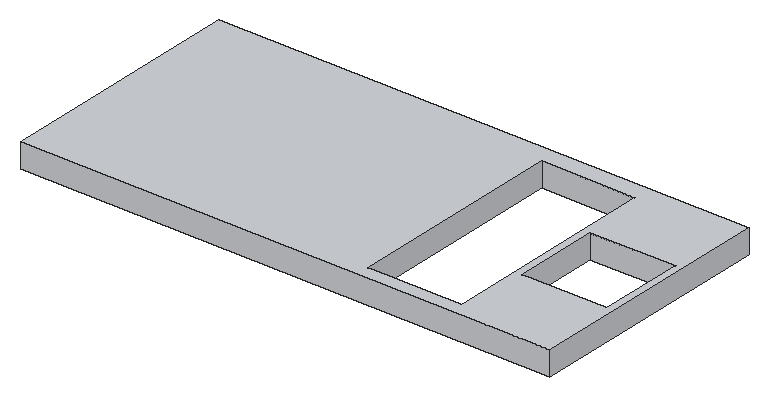
Revit family "G805-003 CAB78A", category Mechanical Equipment, Revit 2012
Parameters (values of type "20 TON")
  URL = "http://desert-aire.com/"
  Type Comments = "NON PACKAGED"
  RC Return Radius = 0' - 0 3/8"
  RC Discharge Radius = 0' - 0 9/16"
  Outdoor Unit = yes
  Model = "G805-003"
  Manufacturer = "DESERT AIRE"
  Description = "DOWN FLOW UNIT"
  Curb Height = 0' - 8"
  Cost = 0
Types (4): name | RC Return Radius | RC Discharge Radius | Model
  (no name) | 0' - 0 3/8" | 0' - 0 9/16" | "G805-003"
  20 TON | 0' - 0 3/8" | 0' - 0 9/16" | "G805-003"
  25 TON | 0' - 0 7/16" | 0' - 0 9/16" | "G805-002"
  30 TON | 0' - 0 7/16" | 0' - 0 11/16" | "G805-002"
Reference planes (in)
  plane 1: y = 0
  plane 2: z = 0
  plane 3: x = 0
  plane 4: z = 8
  plane 5: z = 99.425
  plane 6: z = 47.705
Forms (in)
  Extrusion 1, solid
    sketch origin (0, 0, 0) x (1, 0, 0) y (0, 1, 0)
      loop
        line (-87.42015, 41.66885) -> (-87.42015, -40.83115) -> (88.32985, -40.83115) -> (88.32985, 41.66885) -> (-87.42015, 41.66885)
      loop
        line (24.61066, -36.49695) -> (55.56312, -36.49695) -> (55.56312, 35.71779) -> (24.61066, 35.71779) -> (24.61066, -36.49695)
      loop
        line (86.37454, -14.44101) -> (86.37454, 13.9781) -> (57.97168, 13.9781) -> (57.97168, -14.44101) -> (86.37454, -14.44101)
    from 0 to 8
Dimensions and locks (in)
  "Curb Height": plane 4 to plane 2
  locked: plane 5 to plane 4 at 91.425
  locked: plane 5 to plane 6 at 51.72
  aligned and locked: plane 4 to Extrusion 1
  aligned and locked: plane 4 to import instance
  aligned and locked: import instance to plane 5
  aligned and locked: import instance to plane 6
  aligned and locked: import instance to import instance  (x2)
Automatic sketch dimensions
  Extrusion 1 sketch curve to plane 3 = 7' - 3.42015"
  plane 3 to Extrusion 1 sketch curve = 2' - 0.61066"
  Extrusion 1 sketch curve to Extrusion 1 sketch curve = 2' - 6.95246"
  Extrusion 1 sketch curve to Extrusion 1 sketch curve = 0' - 2.40856"
  Extrusion 1 sketch curve to Extrusion 1 sketch curve = 2' - 4.40286"
  Extrusion 1 sketch curve to Extrusion 1 sketch curve = 0' - 1.95531"
  plane 1 to Extrusion 1 sketch curve = 3' - 4.83115"
  plane 1 to Extrusion 1 sketch curve = 3' - 0.49695"
  plane 1 to Extrusion 1 sketch curve = 1' - 2.44101"
  Extrusion 1 sketch curve to plane 1 = 1' - 1.9781"
  Extrusion 1 sketch curve to plane 1 = 2' - 11.71779"
  Extrusion 1 sketch curve to plane 1 = 3' - 5.66885"
Connectors (in)
  piping at (-0.40818, -1.49985, 0)
    settings: on Extrusion 1, index 7, connector radius 1/2", flow factor 0, pipe flow 0 GPM, pressure drop 0.00 psi, fitting loss kfactor 0, connector angle 0.00°, fixture units 0, engagement length 0' - 0", flow configuration 0, flow direction 0, fitting loss method 0, system type 22, joint type 0, gender type 0, connector reference index -1, connector utility 0, adjustable connector no, is connector primary yes, fitting loss table "", connector description "BOTTOM CONDENSATE"
  piping at (-13.828, -45.5831, 16.305)
    settings: on import instance, index 98, connector radius 1/2", flow factor 0, pipe flow 0 GPM, pressure drop 0.00 psi, fitting loss kfactor 0, connector angle 0.00°, fixture units 0, engagement length 0' - 0", flow configuration 0, flow direction 0, fitting loss method 0, system type 22, joint type 0, gender type 0, connector reference index -1, connector utility 0, adjustable connector no, is connector primary no, fitting loss table "", connector description "LEFT SIDE CONDENSATE"
  piping at (40.422, -45.5831, 16.305), driven by "RC Discharge Radius"
    settings: on import instance, index 99, connector radius 9/16", flow factor 0, pipe flow 0 GPM, pressure drop 0.00 psi, fitting loss kfactor 0, connector angle 0.00°, fixture units 0, engagement length 0' - 0", flow configuration 0, flow direction 0, fitting loss method 0, system type 7, joint type 0, gender type 0, connector reference index -1, connector utility 0, adjustable connector no, is connector primary no, fitting loss table "", connector description "LEFT SIDE RC DISCHARGE CONNECTION LOCATION"
  piping at (40.422, -45.5831, 17.805), driven by "RC Return Radius"
    settings: on import instance, index 100, connector radius 3/8", flow factor 0, pipe flow 0 GPM, pressure drop 0.00 psi, fitting loss kfactor 0, connector angle 0.00°, fixture units 0, engagement length 0' - 0", flow configuration 0, flow direction 0, fitting loss method 0, system type 8, joint type 0, gender type 0, connector reference index -1, connector utility 0, adjustable connector no, is connector primary no, fitting loss table "", connector description "LEFT SIDE RC RETURN CONNECTION LOCATION"
  piping at (40.422, -45.5831, 23.805)
    settings: on import instance, index 101, connector radius 1 5/16", flow factor 0, pipe flow 0 GPM, pressure drop 0.00 psi, fitting loss kfactor 0, connector angle 0.00°, fixture units 0, engagement length 0' - 0", flow configuration 0, flow direction 0, fitting loss method 0, system type 20, joint type 0, gender type 0, connector reference index -1, connector utility 0, adjustable connector no, is connector primary no, fitting loss table "", connector description "LEFT SIDE WATER INLET CONNECTION LOCATION"
  piping at (40.422, -45.5831, 27.055)
    settings: on import instance, index 102, connector radius 1 5/16", flow factor 0, pipe flow 0 GPM, pressure drop 0.00 psi, fitting loss kfactor 0, connector angle 0.00°, fixture units 0, engagement length 0' - 0", flow configuration 0, flow direction 0, fitting loss method 0, system type 20, joint type 0, gender type 0, connector reference index -1, connector utility 0, adjustable connector no, is connector primary no, fitting loss table "", connector description "LEFT SIDE WATER OUTLET CONNECTION LOCATION"
  electrical at (94.636, -38.51204, 92.23393)
    settings: on import instance, index 103, voltage 0 V, apparent load 0 VA, apparent load phase1 0 VA, apparent load phase2 0 VA, apparent load phase3 0 VA, power factor 1, load classification "Other", number of poles 1, system type 30, power factor state 1, is connector primary yes, connector utility no, sub classification motor no, connector description "OPTIONAL DISCONNECT LOCATION"
  piping at (-13.8439, 44.9169, 16.31882)
    settings: on import instance, index 104, connector radius 1/2", flow factor 0, pipe flow 0 GPM, pressure drop 0.00 psi, fitting loss kfactor 0, connector angle 0.00°, fixture units 0, engagement length 0' - 0", flow configuration 0, flow direction 0, fitting loss method 0, system type 22, joint type 0, gender type 0, connector reference index -1, connector utility 0, adjustable connector no, is connector primary no, fitting loss table "", connector description "RIGHT SIDE CONDENSATE"
  piping at (40.41144, 44.9169, 16.31882), driven by "RC Discharge Radius"
    settings: on import instance, index 105, connector radius 9/16", flow factor 0, pipe flow 0 GPM, pressure drop 0.00 psi, fitting loss kfactor 0, connector angle 0.00°, fixture units 0, engagement length 0' - 0", flow configuration 0, flow direction 0, fitting loss method 0, system type 7, joint type 0, gender type 0, connector reference index -1, connector utility 0, adjustable connector no, is connector primary no, fitting loss table "", connector description "RIGHT SIDE RC DISCHARGE CONNECTION LOCATION"
  piping at (40.41144, 44.9169, 17.81882), driven by "RC Return Radius"
    settings: on import instance, index 106, connector radius 3/8", flow factor 0, pipe flow 0 GPM, pressure drop 0.00 psi, fitting loss kfactor 0, connector angle 0.00°, fixture units 0, engagement length 0' - 0", flow configuration 0, flow direction 0, fitting loss method 0, system type 8, joint type 0, gender type 0, connector reference index -1, connector utility 0, adjustable connector no, is connector primary no, fitting loss table "", connector description "RIGHT SIDE RC RETURN CONNECTION LOCATION"
  piping at (40.41144, 44.9169, 23.81882)
    settings: on import instance, index 107, connector radius 1 5/16", flow factor 0, pipe flow 0 GPM, pressure drop 0.00 psi, fitting loss kfactor 0, connector angle 0.00°, fixture units 0, engagement length 0' - 0", flow configuration 0, flow direction 0, fitting loss method 0, system type 20, joint type 0, gender type 0, connector reference index -1, connector utility 0, adjustable connector no, is connector primary no, fitting loss table "", connector description "RIGHT SIDE WATER INLET CONNECTION LOCATION"
  piping at (40.41144, 44.9169, 27.06882)
    settings: on import instance, index 108, connector radius 1 5/16", flow factor 0, pipe flow 0 GPM, pressure drop 0.00 psi, fitting loss kfactor 0, connector angle 0.00°, fixture units 0, engagement length 0' - 0", flow configuration 0, flow direction 0, fitting loss method 0, system type 20, joint type 0, gender type 0, connector reference index -1, connector utility 0, adjustable connector no, is connector primary no, fitting loss table "", connector description "RIGHT SIDE WATER OUTLET CONNECTION LOCATION"
  hvac at (-94.586, -0.29789, 29.95134)
    settings: on import instance, index 109, duct flow 0 CFM, flow factor 0, pres drop 0.00 in-wg, loss coef 0, conn angle 0.00°, conn width 28 3/8", conn height 28 3/8", conn radius 12", duct sys type 3, conn prof type 1, flow config 0, flow direction 0, loss method 0, conn ref index -1, conn util no, is conn primary yes, conn desc "EXHAUST DISCHARGE"
  hvac at (-94.586, -0.16812, 77.55665)
    settings: on import instance, index 110, duct flow 0 CFM, flow factor 0, pres drop 0.00 in-wg, loss coef 0, conn angle 0.00°, conn width 77 7/8", conn height 41 7/8", conn radius 12", duct sys type 3, conn prof type 1, flow config 0, flow direction 0, loss method 0, conn ref index -1, conn util no, is conn primary no, conn desc "O/A INTAKE"
  hvac at (72.20241, -0.24076, 14)
    settings: on import instance, index 111, duct flow 0 CFM, flow factor 0, pres drop 0.00 in-wg, loss coef 0, conn angle 0.00°, conn width 28 3/8", conn height 28 3/8", conn radius 12", duct sys type 1, conn prof type 1, flow config 0, flow direction 0, loss method 0, conn ref index -1, conn util no, is conn primary no, conn desc "SUPPLY AIR DUCT CONNECTION"
  hvac at (39.97464, -0.4354, 14)
    settings: on import instance, index 112, duct flow 0 CFM, flow factor 0, pres drop 0.00 in-wg, loss coef 0, conn angle 0.00°, conn width 72", conn height 31", conn radius 12", duct sys type 2, conn prof type 1, flow config 0, flow direction 0, loss method 0, conn ref index -1, conn util no, is conn primary no, conn desc "RETURN AIR DUCT CONNECTION"
